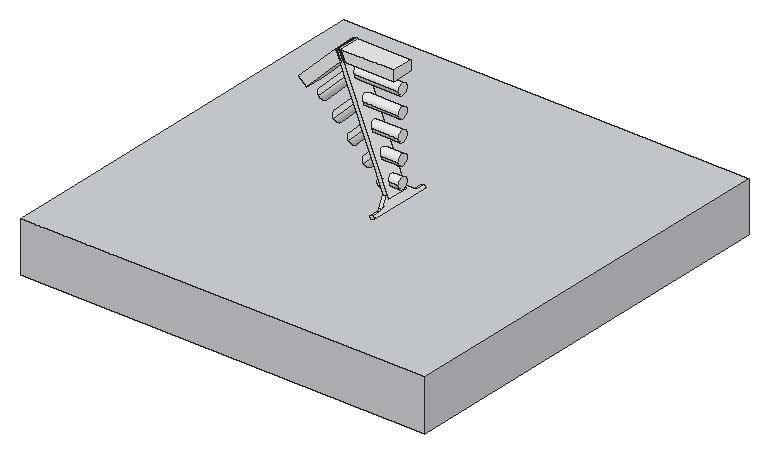
Revit family "Sunshade-Corner-Kawneer-Curtain_Wall-Outside_135", category Specialty Equipment, host Face, Revit 2015
Parameters (values of type "30"-Square-Circular")
  Width of Blades 2 [instance] = 0' - 0 1/32"
  Width of Blades 1 [instance] = 0' - 0 1/32"
  URL = "http://www.kawneer.com/kawneer/north_america/en/home.asp"
  Type Comments = ""
  Set 1 Inset = 0' - 2 1/2"
  Right Fascia Offset = if(Length = 3' 0", 1' 2 3/8", 1' 0")  # 1' - 0"
  Product data url = "https://bimobject.com/kawneerna/product/04305"
  Product Page URL = "http://www.kawneer.com/kawneer/north_america/en/product.asp?cat_id=1463&prod_id=4305"
  Product Documentation Link = "http://www.kawneer.com/kawneer/north_america/catalog/pdf/Sun_Control/Versoleil_OutriggerCW_Flyer.pdf"
  Outrigger Type = Outrigger-Kawneer-Angle-Square : 5"
  Model = "Sunshade Outside 135 Degree Corner"  # constant formula
  Manufacturer = "Kawneer "  # constant formula
  Set 2 Inset = 0' - 11 3/4"
  Length = 2' - 6"
  Height of Bottom Fascia = Length - 0' 0 1/32"  # 2' - 5 31/32"
  Height of Blade 2 = 0' - 5"
  Height of Blade 1 = 0' - 5"
  Has 6th Blade = no
  Has 5th Blade = yes
  Finish = Aluminum - Kawneer - Clear
  Fascia Type = Fascia-Kawneer-Outside_135_Angle_Cut-Rectangular : Versoleil
  Fascia Offset = if(Length = 3' 0", 0' 0 3/8", 0' 2 7/8")  # 0' - 2 7/8"
  Distance Blade 5 and 6 = 0' - 0"
  Distance Blade 4 and 5 = 0' - 0"
  Distance Blade 3 and 4 = 0' - 0"
  Distance Blade 2 and 3 = 0' - 0"
  Distance Blade 1 and 2 = 0' - 0"
  Description = "Rounded Outrigger, Bullnose Fascias"
  Default Elevation = 4' - 0"
  Copyright © = "©2012 Kawneer  "  # constant formula
  CTRL Width of Blades 2 [instance] = if(Width of Blades 2 < 0' 1", 0' 1", Width of Blades 2)  # 0' - 1"
  CTRL Width of Blades 1 [instance] = if(Width of Blades 1 < 0' 1", 0' 1", Width of Blades 1)  # 0' - 1"
  CTRL Outrigger Angle = 0.00°
  CTRL Length of Blade = if(and(Length = 2' 6", CTRL Angle = 135.00°), 3' 6 109/256" - 0' 0 7/8", if(and(Length = 3' 0", CTRL Angle = 135.00°), 4' 2 233/256" - 0' 0 7/8", Length - 0' 2 1/32"))  # 2' - 3 31/32"
  CTRL Fascia Location = 0' - 0"
  CTRL Fascia Length = if(Length = 3' 0", 4' 8 11/32", 4' 1 23/32")  # 4' - 1 23/32"
  CTRL Angle = 112.50°
  Bottom Fascia Offset = if(Length = 3' 0", 0' 0", 0' 2 1/2")  # 0' - 2 1/2"
  Blade Type = Blade-Kawneer-135_Angle_Cut-Circular : Versoleil
  Blade Distance = 0' - 5"
  Blade Angle Cut = 67.50°  # constant formula
  Blade 6 Location = Distance Blade 1 and 2  # 0' - 0"
  Blade 5 Location = Distance Blade 2 and 3  # 0' - 0"
  Blade 4 Location = Distance Blade 3 and 4  # 0' - 0"
  Blade 3 Location = Distance Blade 4 and 5  # 0' - 0"
  Blade 2 Location = Distance Blade 5 and 6  # 0' - 0"
  Blade 1 Location = Distance Blade 5 and 6  # 0' - 0"
  Angle Offset = 0' - 2"
  Outrigger Angle = 90.00°
Reference planes (in)
  plane 1 "Center (Front/Back)": y = 0
  plane 2: z = -0.78125
  plane 3 "Center (Left/Right)": x = 3.30772
  plane 4 "Bracket Bottom": z = -0.78125
  plane 5 "Blade 1": z = 4.21875
  plane 6 "Back of Right Blades": x = 4.30772
  plane 7 "Blade 2": z = 9.21875
  plane 8 "Top": z = 29.21875
  plane 9 "Blade 3": z = 14.21875
  plane 10 "Blade 4": z = 19.21875
  plane 11 "Blade 5": z = 24.21875
  plane 12 "Left of Right Blade 1": x = 0.80772
  plane 13 "Left of Right Blade 2": x = -1.19228
  plane 14 "Left of Right Blade 3": x = -3.19228
  plane 15 "Left of Right Blade 4": x = -5.19228
  plane 16 "Right of Fascias": x = -8.68461
  plane 17 "One": x = -0.68461
  plane 18 "Outrigger": through (-65.51892, -180, -29.26876) normal (-0.3827, 0, 0.9239)
  plane 19 "Two": x = 3.31539
  plane 20 "Top of Fascia 2": z = 29.1875
  plane 21 "Left of Right Blade 5": x = -7.19228
  plane 22 "Blade 6": z = 29.21875
  plane 23 "Left of Right Blade 6": x = -9.19228
  plane 24 "Center Left / Right Blade 1": y = 0
  plane 25 "Center Left / Right Blade 2": y = 0
  plane 26 "Center Left / Right Blade 3": y = 0
  plane 27 "Center Left / Right Blade 4": y = 0
  plane 28 "Center Left / Right Blade 5": y = 0
  plane 29 "Center Left / Right Blade 6": y = 0
  plane 30 "Center Fascia": y = 0
  plane 31 "CTRL Anlge": through (-82.30784, -180, -24.85784) normal (-0.3827, 0, 0.9239)
  plane 32 "Center of Bottom Blade 1": through (-44.72605, -7.87065, -41.74395) normal (-0.7071, 0, 0.7071)
  plane 33: z = 3.71875
  plane 34 "Top of Bottom Fascia": through (-38.50296, -7.87065, -0.20971) normal (-0.7071, 0, 0.7071)
  plane 35 "Center of Bottom Blade  5": through (-56.11819, -7.87065, -24.85182) normal (-0.7071, 0, 0.7071)
  plane 36 "Center of Bottom Blade  3": through (-47.35421, -7.87065, -30.22997) normal (-0.7071, 0, 0.7071)
  plane 37 "Center of Bottom Blade 4": through (-50.88974, -7.87065, -26.69444) normal (-0.7071, 0, 0.7071)
  plane 38 "Center of Bottom Blade  2": through (-43.81867, -7.87065, -33.76551) normal (-0.7071, 0, 0.7071)
  plane 39 "Center of Bottom Blade 6": through (-66.47863, -7.87065, -28.14119) normal (-0.7071, 0, 0.7071)
  plane 40 "Top of  Bottom Blade 1": through (-13.296, -7.87065, 20.17441) normal (-0.7071, 0, -0.7071)
  plane 41 "Top of  Bottom Blade 2": through (-29.72262, -7.87065, 39.42946) normal (-0.7071, 0, -0.7071)
  plane 42 "Top of  Bottom Blade 3": through (-28.30841, -7.87065, 40.84367) normal (-0.7071, 0, -0.7071)
  plane 43 "Top of  Bottom Blade 4": through (-26.89419, -7.87065, 42.25789) normal (-0.7071, 0, -0.7071)
  plane 44 "Top of Bottom Blade 5": through (-26.26853, -7.87065, 44.46064) normal (-0.7071, 0, -0.7071)
  plane 45 "Top of  Bottom Blade 6": through (-26.50327, -7.87065, 47.52381) normal (-0.7071, 0, -0.7071)
  plane 46 "CTRL Angle Blades": through (-33.49625, -7.87065, 36.83913) normal (-0.7071, 0, -0.7071)
  plane 47 "Offset Bottom Fascia": through (-26.1624, -7.87065, 45.59195) normal (-0.7071, 0, -0.7071)
  plane 48 "Bottom of Set 2": through (10.38408, -7.87065, 6.29511) normal (-0.7071, 0, 0.7071)
  plane 49 "Back of Blade Bottom  Set 2": through (-29.35543, -7.87065, 31.28409) normal (-0.7071, 0, -0.7071)
  plane 50 "Blades Offset": through (-22.21762, -7.87065, 45.71304) normal (-0.7071, 0, -0.7071)
  plane 51: z = -0.78125
  plane 52: through (10.38408, -7.87065, 6.29511) normal (-0.7071, 0, 0.7071)
Forms (in)
  Extrusion 1, solid
    sketch origin (0, 0, -0.78125) x (1, 0, 0) y (0, 1, 0)
      loop
        line (-48, 48) -> (-48, -48) -> (48, -48) -> (48, 48) -> (-48, 48)
    from 0 to -12
Lines and regions (in)
  reference lines
    curve 1: line (3.30772, 0, -0.78125) -> (-12.74236, 0, 37.96708)
Dimensions and locks (in)
  locked: plane 4 "Bracket Bottom" to plane 2 at 0
  "Blade Distance": plane 9 "Blade 3" to plane 7 "Blade 2"
  "Blade Distance": plane 10 "Blade 4" to plane 9 "Blade 3"
  "Angle Offset": plane 14 "Left of Right Blade 3" to plane 13 "Left of Right Blade 2"
  "Angle Offset": plane 15 "Left of Right Blade 4" to plane 14 "Left of Right Blade 3"
  locked: plane 3 "Center (Left/Right)" to plane 19 "Two" at 0.00767
  "Angle Offset": plane 21 "Left of Right Blade 5" to plane 15 "Left of Right Blade 4"
  "Blade Distance": plane 22 "Blade 6" to plane 11 "Blade 5"
  "Angle Offset": plane 23 "Left of Right Blade 6" to plane 21 "Left of Right Blade 5"
  "Length": plane 8 "Top" to plane 2
  "Right Fascia Offset": plane 16 "Right of Fascias" to plane 19 "Two"
  "Height of Bottom Fascia": plane 20 "Top of Fascia 2" to plane 4 "Bracket Bottom"
  "Blade 1 Location": plane 24 "Center Left / Right Blade 1" to plane 1 "Center (Front/Back)"
  "CTRL Fascia Location": plane 30 "Center Fascia" to plane 1 "Center (Front/Back)"
  "Blade 6 Location": plane 29 "Center Left / Right Blade 6" to plane 1 "Center (Front/Back)"
  "Blade 5 Location": plane 28 "Center Left / Right Blade 5" to plane 1 "Center (Front/Back)"
  "Blade 4 Location": plane 27 "Center Left / Right Blade 4" to plane 1 "Center (Front/Back)"
  "Blade 3 Location": plane 26 "Center Left / Right Blade 3" to plane 1 "Center (Front/Back)"
  "Blade 2 Location": plane 25 "Center Left / Right Blade 2" to plane 1 "Center (Front/Back)"
  "Blade Distance": plane 11 "Blade 5" to plane 10 "Blade 4"
  "Blade Distance": plane 38 "Center of Bottom Blade  2" to plane 32 "Center of Bottom Blade 1"
  "Blade Distance": plane 36 "Center of Bottom Blade  3" to plane 38 "Center of Bottom Blade  2"
  "Blade Distance": plane 37 "Center of Bottom Blade 4" to plane 36 "Center of Bottom Blade  3"
  "Blade Distance": plane 35 "Center of Bottom Blade  5" to plane 37 "Center of Bottom Blade 4"
  "Blade Distance": plane 39 "Center of Bottom Blade 6" to plane 35 "Center of Bottom Blade  5"
  "Angle Offset": plane 40 "Top of  Bottom Blade 1" to plane 41 "Top of  Bottom Blade 2"
  "Angle Offset": plane 41 "Top of  Bottom Blade 2" to plane 42 "Top of  Bottom Blade 3"
  "Angle Offset": plane 42 "Top of  Bottom Blade 3" to plane 43 "Top of  Bottom Blade 4"
  "Angle Offset": plane 43 "Top of  Bottom Blade 4" to plane 44 "Top of Bottom Blade 5"
  "Angle Offset": plane 44 "Top of Bottom Blade 5" to plane 45 "Top of  Bottom Blade 6"
  "Height of Bottom Fascia": plane 34 "Top of Bottom Fascia" to plane 48 "Bottom of Set 2"
  "Angle Offset": plane 13 "Left of Right Blade 2" to plane 12 "Left of Right Blade 1"
  "Set 1 Inset": plane 12 "Left of Right Blade 1" to plane 3 "Center (Left/Right)"
  "CTRL Width of Blades 1": plane 6 "Back of Right Blades" to plane 3 "Center (Left/Right)"
  "CTRL Width of Blades 2": plane 49 "Back of Blade Bottom  Set 2" to plane 46 "CTRL Angle Blades"
  "Blade Distance": plane 7 "Blade 2" to plane 5 "Blade 1"
  "Set 2 Inset": plane 40 "Top of  Bottom Blade 1" to plane 50 "Blades Offset"
  plane 47 "Offset Bottom Fascia" to plane 50 "Blades Offset" = 0' - 2 7/8"
  locked: plane 51 to level
  "Height of Blade 1": plane 5 "Blade 1" to plane 51
  locked: plane 52 to plane 48 "Bottom of Set 2"
  "Height of Blade 1": plane 32 "Center of Bottom Blade 1" to plane 52
  "Fascia Offset": plane 47 "Offset Bottom Fascia" to plane 50 "Blades Offset"
  plane 23 "Left of Right Blade 6" to plane 19 "Two" = 1' - 0.50767"
  locked: plane 46 "CTRL Angle Blades" to plane 45 "Top of  Bottom Blade 6" at 12.5
  "CTRL Angle": angle plane 4 "Bracket Bottom" to curve 1
  angle nested 7 to Extrusion 1 = 67.50°
  angle plane 4 "Bracket Bottom" to nested 7 = 112.50°
  angle plane 4 "Bracket Bottom" to plane 18 "Outrigger" = 22.50°
  angle plane 32 "Center of Bottom Blade 1" to plane 4 "Bracket Bottom" = 135.00°
  angle plane 22 "Blade 6" to plane 39 "Center of Bottom Blade 6" = 45.00°
  aligned and locked: plane 2 to Extrusion 1
  aligned: level to Extrusion 1
  aligned: plane 8 "Top" to nested 1  (x2)
  aligned: plane 1 "Center (Front/Back)" to nested 1
  aligned: plane 1 "Center (Front/Back)" to nested 2
  aligned: plane 12 "Left of Right Blade 1" to nested 2  (x5)
  aligned: nested 3 to plane 7 "Blade 2"
  aligned: plane 13 "Left of Right Blade 2" to nested 3
  aligned: nested 4 to plane 9 "Blade 3"
  aligned: plane 14 "Left of Right Blade 3" to nested 4
  aligned: plane 15 "Left of Right Blade 4" to nested 5  (x2)
  aligned: nested 5 to plane 10 "Blade 4"
  aligned: plane 11 "Blade 5" to nested 6
  aligned and locked: plane 13 "Left of Right Blade 2" to nested 3
  aligned and locked: plane 14 "Left of Right Blade 3" to nested 4  (x3)
  aligned: plane 16 "Right of Fascias" to nested 1
  aligned and locked: plane 1 "Center (Front/Back)" to nested 7
  aligned: nested 1 to plane 6 "Back of Right Blades"
  aligned: nested 2 to plane 6 "Back of Right Blades"
  aligned and locked: nested 3 to plane 6 "Back of Right Blades"
  aligned and locked: nested 4 to plane 6 "Back of Right Blades"
  aligned and locked: nested 5 to plane 6 "Back of Right Blades"
  aligned and locked: nested 6 to plane 6 "Back of Right Blades"
  aligned and locked: plane 21 "Left of Right Blade 5" to nested 6
  aligned and locked: plane 4 "Bracket Bottom" to curve 1
  aligned: curve 1 to nested 7  (x4)
  aligned: plane 22 "Blade 6" to nested 8
  aligned and locked: plane 23 "Left of Right Blade 6" to nested 8
  aligned and locked: nested 8 to plane 6 "Back of Right Blades"
  aligned and locked: plane 8 "Top" to nested 1  (x3)
  aligned and locked: plane 16 "Right of Fascias" to nested 1
  aligned and locked: nested 1 to plane 6 "Back of Right Blades"  (x2)
  aligned and locked: plane 24 "Center Left / Right Blade 1" to nested 2
  aligned and locked: plane 25 "Center Left / Right Blade 2" to nested 3
  aligned and locked: plane 27 "Center Left / Right Blade 4" to nested 5
  aligned and locked: plane 28 "Center Left / Right Blade 5" to nested 6
  aligned and locked: plane 29 "Center Left / Right Blade 6" to nested 8
  aligned and locked: plane 30 "Center Fascia" to nested 1
  aligned: nested 3 to plane 25 "Center Left / Right Blade 2"
  aligned and locked: plane 26 "Center Left / Right Blade 3" to nested 4
  aligned: nested 5 to plane 27 "Center Left / Right Blade 4"
  aligned: plane 18 "Outrigger" to nested 7
  aligned: nested 2 to plane 33  (x2)
  aligned and locked: plane 3 "Center (Left/Right)" to curve 1
  aligned and locked: curve 1 to nested 7
  aligned: plane 6 "Back of Right Blades" to nested 8
  aligned: plane 6 "Back of Right Blades" to nested 6
  aligned: plane 6 "Back of Right Blades" to nested 5
  aligned: plane 6 "Back of Right Blades" to nested 4
  aligned: plane 6 "Back of Right Blades" to nested 3
  aligned: plane 6 "Back of Right Blades" to nested 2
  aligned and locked: nested 2 to plane 5 "Blade 1"
  aligned and locked: nested 3 to plane 7 "Blade 2"
  aligned and locked: nested 4 to plane 9 "Blade 3"
  aligned and locked: nested 5 to plane 10 "Blade 4"
  aligned and locked: plane 11 "Blade 5" to nested 6
  aligned and locked: plane 22 "Blade 6" to nested 8
  aligned: plane 20 "Top of Fascia 2" to nested 1
  aligned: plane 14 "Left of Right Blade 3" to nested 5
  aligned and locked: plane 15 "Left of Right Blade 4" to nested 5  (x2)
  aligned and locked: plane 12 "Left of Right Blade 1" to nested 2
  aligned and locked: nested 2 to plane 6 "Back of Right Blades"
  aligned and locked: nested 9 to plane 39 "Center of Bottom Blade 6"
  aligned and locked: plane 45 "Top of  Bottom Blade 6" to nested 9
  aligned and locked: plane 44 "Top of Bottom Blade 5" to nested 10
  aligned and locked: plane 43 "Top of  Bottom Blade 4" to nested 11
  aligned and locked: plane 42 "Top of  Bottom Blade 3" to nested 12
  aligned and locked: plane 41 "Top of  Bottom Blade 2" to nested 13
  aligned and locked: plane 40 "Top of  Bottom Blade 1" to nested 14
  aligned and locked: nested 10 to plane 35 "Center of Bottom Blade  5"
  aligned and locked: nested 11 to plane 37 "Center of Bottom Blade 4"
  aligned and locked: nested 12 to plane 36 "Center of Bottom Blade  3"
  aligned and locked: nested 13 to plane 38 "Center of Bottom Blade  2"
  aligned and locked: nested 14 to plane 32 "Center of Bottom Blade 1"
  aligned and locked: nested 10 to plane 49 "Back of Blade Bottom  Set 2"
  aligned and locked: nested 9 to plane 49 "Back of Blade Bottom  Set 2"
  aligned and locked: nested 11 to plane 49 "Back of Blade Bottom  Set 2"
  aligned and locked: nested 12 to plane 49 "Back of Blade Bottom  Set 2"
  aligned and locked: nested 13 to plane 49 "Back of Blade Bottom  Set 2"
  aligned and locked: nested 14 to plane 49 "Back of Blade Bottom  Set 2"
  aligned and locked: nested 14 to plane 24 "Center Left / Right Blade 1"
  aligned and locked: nested 9 to plane 29 "Center Left / Right Blade 6"
  aligned and locked: nested 10 to plane 28 "Center Left / Right Blade 5"
  aligned and locked: nested 11 to plane 27 "Center Left / Right Blade 4"
  aligned and locked: nested 12 to plane 26 "Center Left / Right Blade 3"
  aligned and locked: nested 13 to plane 25 "Center Left / Right Blade 2"
  aligned and locked: nested 15 to plane 34 "Top of Bottom Fascia"
  aligned and locked: plane 47 "Offset Bottom Fascia" to nested 15
  aligned and locked: nested 15 to plane 49 "Back of Blade Bottom  Set 2"
  aligned and locked: nested 15 to plane 30 "Center Fascia"
Automatic sketch dimensions
  Extrusion 1 sketch curve to Extrusion 1 sketch curve = 8' - 0"  (x2)
Nested families (in)
  nested 1: "Fascia-Kawneer-Outside_135_Angle_Cut-Rectangular" at (63.31539, 0, 26.71694), Fascias Materials <- "Finish", type <- "Fascia Type", type "Versoleil"
    with Fascias Materials Aluminum - Kawneer - Clear, CTRL Width 1' - 0.99233"
  nested 2: "Blade-Kawneer-135_Angle_Cut-Circular" at (72.80772, 0, 2.71875), Blade Materials <- "Finish", type <- "Blade Type", Void Angle <- "Blade Angle Cut", type "Versoleil"
    with Void Angle 67.50°, CTRL Width 0' - 3 1/2", Blade Materials Aluminum - Kawneer - Clear
  nested 3: "Blade-Kawneer-135_Angle_Cut-Circular" at (70.80772, 0, 7.71875), Blade Materials <- "Finish", type <- "Blade Type", Void Angle <- "Blade Angle Cut", type "Versoleil"
    with Void Angle 67.50°, CTRL Width 0' - 5 1/2", Blade Materials Aluminum - Kawneer - Clear
  nested 4: "Blade-Kawneer-135_Angle_Cut-Circular" at (68.80772, 0, 12.71875), Blade Materials <- "Finish", type <- "Blade Type", Void Angle <- "Blade Angle Cut", type "Versoleil"
    with Void Angle 67.50°, CTRL Width 0' - 7 1/2", Blade Materials Aluminum - Kawneer - Clear
  nested 5: "Blade-Kawneer-135_Angle_Cut-Circular" at (66.80772, 0, 17.71875), Blade Materials <- "Finish", type <- "Blade Type", Void Angle <- "Blade Angle Cut", type "Versoleil"
    with Void Angle 67.50°, CTRL Width 0' - 9 1/2", Blade Materials Aluminum - Kawneer - Clear
  nested 6: "Blade-Kawneer-135_Angle_Cut-Circular" at (64.80772, 0, 22.71875), visible <- "Has 5th Blade", Blade Materials <- "Finish", type <- "Blade Type", Void Angle <- "Blade Angle Cut", type "Versoleil"
    with Void Angle 67.50°, CTRL Width 0' - 11 1/2", Blade Materials Aluminum - Kawneer - Clear
  nested 7: "Outrigger-Kawneer-Angle-Square" at (3.30015, 0, -0.76297) x (0.9239, 0, 0.3827) z (-0.3827, 0, 0.9239), type <- "Outrigger Type", CTRL Angle <- "CTRL Outrigger Angle", type "5""
    with Outrigger Length 2' - 6.27316", Outrigger Angle 90.00°, CTRL Blade Offset 0' - 11.4805", CTRL Angle 0.00°, Length 2' - 6", CTRL Length 2' - 3 31/32", Angle 67.50°
  nested 8: "Blade-Kawneer-135_Angle_Cut-Circular" at (62.80772, 0, 27.71875), visible <- "Has 6th Blade", Blade Materials <- "Finish", type <- "Blade Type", Void Angle <- "Blade Angle Cut", type "Versoleil"
    with Void Angle 67.50°, CTRL Width 1' - 1 1/2", Blade Materials Aluminum - Kawneer - Clear
  nested 9: "Blade-Kawneer-135_Angle_Cut-Circular" at (-58.50947, 0, -22.29336) x (-0.7071, 0, -0.7071) z (-0.7071, 0, 0.7071), type <- "Blade Type", visible <- "Has 6th Blade", Blade Materials <- "Finish", Void Angle <- "Blade Angle Cut", type "Versoleil"
    with Void Angle 67.50°, CTRL Width 1' - 1 1/2", Blade Materials Aluminum - Kawneer - Clear
  nested 10: "Blade-Kawneer-135_Angle_Cut-Circular" at (-56.38815, 0, -27.2431) x (-0.7071, 0, -0.7071) z (-0.7071, 0, 0.7071), type <- "Blade Type", visible <- "Has 5th Blade", Blade Materials <- "Finish", Void Angle <- "Blade Angle Cut", type "Versoleil"
    with Void Angle 67.50°, CTRL Width 0' - 11 1/2", Blade Materials Aluminum - Kawneer - Clear
  nested 11: "Blade-Kawneer-135_Angle_Cut-Circular" at (-54.26683, 0, -32.19285) x (-0.7071, 0, -0.7071) z (-0.7071, 0, 0.7071), type <- "Blade Type", Blade Materials <- "Finish", Void Angle <- "Blade Angle Cut", type "Versoleil"
    with Void Angle 67.50°, CTRL Width 0' - 9 1/2", Blade Materials Aluminum - Kawneer - Clear
  nested 12: "Blade-Kawneer-135_Angle_Cut-Circular" at (-52.14551, 0, -37.1426) x (-0.7071, 0, -0.7071) z (-0.7071, 0, 0.7071), type <- "Blade Type", Blade Materials <- "Finish", Void Angle <- "Blade Angle Cut", type "Versoleil"
    with Void Angle 67.50°, CTRL Width 0' - 7 1/2", Blade Materials Aluminum - Kawneer - Clear
  nested 13: "Blade-Kawneer-135_Angle_Cut-Circular" at (-50.02419, 0, -42.09235) x (-0.7071, 0, -0.7071) z (-0.7071, 0, 0.7071), type <- "Blade Type", Blade Materials <- "Finish", Void Angle <- "Blade Angle Cut", type "Versoleil"
    with Void Angle 67.50°, CTRL Width 0' - 5 1/2", Blade Materials Aluminum - Kawneer - Clear
  nested 14: "Blade-Kawneer-135_Angle_Cut-Circular" at (-47.90287, 0, -47.04209) x (-0.7071, 0, -0.7071) z (-0.7071, 0, 0.7071), type <- "Blade Type", Blade Materials <- "Finish", Void Angle <- "Blade Angle Cut", type "Versoleil"
    with Void Angle 67.50°, CTRL Width 0' - 3 1/2", Blade Materials Aluminum - Kawneer - Clear
  nested 15: "Fascia-Kawneer-Outside_135_Angle_Cut-Rectangular" at (-58.57449, 0, -23.81933) x (-0.7071, 0, -0.7071) z (-0.7071, 0, 0.7071), type <- "Fascia Type", Fascias Materials <- "Finish", type "Versoleil"
    with Fascias Materials Aluminum - Kawneer - Clear, CTRL Width 1' - 0 3/8"
Definition of nested family "Fascia-Kawneer-Outside_135_Angle_Cut-Rectangular"
  Parameters
    Void Offset = 3' - 2"
    Void Angle = 67.50°  # constant formula
    Default Elevation = 4' - 0"
    CTRL Width [instance] = 12' - 0"
    Fascias Materials [instance] = none
    Assembly Code = ""
  Reference planes (in)
    plane 1 "Center (Front/Back)": y = 0
    plane 2 "Original Bottom": z = 0
    plane 3 "Center (Left/Right)": x = 0
    plane 4 "Left": x = -72
    plane 5 "Right": x = 72
    plane 6 "Front": y = -2.5
    plane 7 "Back": y = 2.5
    plane 8 "Top": z = 2.50181
    plane 9 "Bottom": z = 0
    plane 10 "Void Angle": x = -69.5
    plane 11 "Top Offset of Void": z = 2.53306
    plane 12 "Bottom Offset of Void": z = -0.03125
    plane 13 "Left Offset of Bracket": x = -72.03125
    plane 14 "Right Offset of Void": x = -69.46875
    plane 15 "Back offset of Void": y = -3.5
    plane 16 "Front Offset of Void": y = 3.5
  Forms (in)
    Sweep 1, solid, material <- "Fascias Materials", detail levels medium+fine
      path origin (10, 0, -1.71798) x (1, 0, 0) y (0, 0, 1)
        loop
          line (62, 8.91333) -> (-82, 8.91333)
      profile origin (0, 0, 7.19535) x (0, 0, -1) y (0, -1, 0)
        loop
          line (4.69354, 2.5) -> (4.69354, -2.5) -> (7.19535, -2.5) -> (7.19535, 2.5) -> (4.69354, 2.5)
    Extrusion 2, void
      sketch origin (0, 0, 0) x (1, 0, 0) y (0, 0, 1)
        loop
          line (-72.03125, 2.53306) -> (-72.03125, -0.03125) -> (-70.96908, -0.03125) -> (-72.03125, 2.53306)
      from -3.5 to 3.5
  Cuts and joins
    Extrusion 2 cuts Sweep 1
  Lines and regions (in)
    Masking region 1
      outline origin (0, 0, 0) x (0, 1, 0) y (0, 0, 1)
        loop
          line (2.5, 2.50181) -> (-2.5, 2.50181) -> (-2.5, 0) -> (2.5, 0) -> (2.5, 2.50181)
    Masking region 2
      outline origin (0, 0, 0) x (1, 0, 0) y (0, 1, 0)
        loop
          line (72, 2.5) -> (-72.03125, 2.5) -> (-72.03125, -2.5) -> (72, -2.5) -> (72, 2.5)
    Masking region 3
      outline origin (0, -2.5, 0) x (-1, 0, 0) y (0, 0, 1)
        loop
          line (-72, 2.53306) -> (-72, 0) -> (70.98202, 0) -> (72.03125, 2.53306) -> (-72, 2.53306)
    symbolic lines
      curve 1: line (72, 2.5, 2.50181) -> (72, -2.5, 2.50181)
      curve 2: line (72, -2.5, 2.50181) -> (72, -2.5, 0)
      curve 3: line (72, -2.5, 0) -> (72, 2.5, 0)
      curve 4: line (72, 2.5, 0) -> (72, 2.5, 2.50181)
      curve 5: line (-72, 2.5, 2.50181) -> (-72, -2.5, 2.50181)
      curve 6: line (-72, -2.5, 2.50181) -> (-72, -2.5, 0)
      curve 7: line (-72, -2.5, 0) -> (-72, 2.5, 0)
      curve 8: line (-72, 2.5, 0) -> (-72, 2.5, 2.50181)
      curve 12: line (72, 2.5, 2.50181) -> (-72.03125, 2.5, 2.50181)
      curve 13: line (72, -2.5, 2.50181) -> (72, 2.5, 2.50181)
      curve 14: line (-72.03125, -2.5, 2.50181) -> (72, -2.5, 2.50181)
      curve 15: line (-72.03125, 2.5, 2.50181) -> (-72.03125, -2.5, 2.50181)
      curve 16: line (-69.50088, 2.5, 0) -> (-69.50088, -2.5, 0)
    model lines, detail levels coarse
      curve 9: line (-72, 0, 2.50181) -> (72, 0, 2.50181)
      curve 21: line (72, 2.5, 0) -> (-69.50088, 2.5, 0)
      curve 22: line (72, -2.5, 0) -> (72, 2.5, 0)
      curve 23: line (-69.50088, -2.5, 0) -> (72, -2.5, 0)
      curve 24: line (-72.03125, 2.5, 2.50181) -> (-72.03125, -2.5, 2.50181)
      curve 25: line (72, 2.5, 2.50181) -> (-69.46875, 2.5, 2.50181)
      curve 26: line (72, -2.5, 2.50181) -> (72, 2.5, 2.50181)
      curve 27: line (-69.46875, -2.5, 2.50181) -> (72, -2.5, 2.50181)
      curve 28: line (-69.46875, 2.5, 0) -> (-69.46875, -2.5, 0)
      curve 29: line (72, 2.5, 2.50181) -> (72, -2.5, 2.50181)
      curve 30: line (72, 2.5, 0) -> (72, 2.5, 2.50181)
      curve 31: line (72, -2.5, 0) -> (72, 2.5, 0)
      curve 32: line (72, -2.5, 2.50181) -> (72, -2.5, 0)
      curve 33: line (-72, -2.5, 2.50181) -> (-72, 2.5, 2.50181)
      curve 34: line (-69.5, 2.5, 0) -> (-69.5, -2.5, 0)
      curve 35: line (-72.03125, 2.5, 2.53306) -> (-70.97887, 2.5, -0.00761)
      curve 36: line (-72.01831, -2.5, 2.50181) -> (-70.96908, -2.5, -0.03125)
    symbolic lines, detail levels coarse
      curve 10: line (-72, 0, 2.50181) -> (72, 0, 2.50181)
    reference lines
      curve 11: line (-70.98202, 0, 0) -> (-72.03125, 0, 2.53306)
    model lines
      curve 17: line (72, -2.5, 2.50181) -> (-72.01831, -2.5, 2.50181)
      curve 18: line (72, -2.5, -0.03125) -> (72, -2.5, 2.50181)
      curve 19: line (-70.96908, -2.5, -0.03125) -> (72, -2.5, -0.03125)
      curve 20: line (-72.01831, -2.5, 2.50181) -> (-70.96908, -2.5, -0.03125)
  Dimensions and locks (in)
    "CTRL Width": plane 4 "Left" to plane 5 "Right"
    equal spacing: plane 6 "Front", plane 1 "Center (Front/Back)", plane 7 "Back"
    plane 8 "Top" to plane 9 "Bottom" = 0' - 2.50181"  (x2)
    plane 4 "Left" to plane 10 "Void Angle" = 0' - 2 1/2"
    plane 9 "Bottom" to plane 12 "Bottom Offset of Void" = 0' - 0 1/32"
    plane 11 "Top Offset of Void" to plane 8 "Top" = 0' - 0 1/32"
    plane 13 "Left Offset of Bracket" to plane 4 "Left" = 0' - 0 1/32"
    plane 10 "Void Angle" to plane 14 "Right Offset of Void" = 0' - 0 1/32"
    "Void Angle": angle curve 11 to plane 12 "Bottom Offset of Void"
    "Void Angle": angle Extrusion 2 sketch curve to plane 12 "Bottom Offset of Void"
    aligned and locked: plane 4 "Left" to Sweep 1 sketch curve
    aligned and locked: plane 5 "Right" to Sweep 1 sketch curve
    aligned: Sweep 1 to plane 2 "Original Bottom"  (x2)
    aligned: plane 8 "Top" to Sweep 1
    aligned: plane 6 "Front" to Sweep 1
    aligned: plane 7 "Back" to Sweep 1
    aligned and locked: plane 9 "Bottom" to plane 2 "Original Bottom"
    aligned and locked: Sweep 1 to plane 9 "Bottom"
    aligned and locked: plane 8 "Top" to Sweep 1
    aligned and locked: plane 7 "Back" to Sweep 1
    aligned and locked: plane 6 "Front" to Sweep 1
    aligned and locked: Masking region 1 sketch curve to Sweep 1  (x4)
    aligned and locked: curve 1 to Masking region 1
    aligned and locked: curve 2 to Masking region 1
    aligned and locked: curve 3 to Masking region 1
    aligned and locked: curve 4 to Masking region 1
    aligned and locked: curve 5 to curve 1
    aligned and locked: curve 6 to curve 2
    aligned and locked: curve 7 to curve 3
    aligned and locked: curve 8 to curve 4
    aligned and locked: plane 12 "Bottom Offset of Void" to Extrusion 2 sketch curve
    aligned and locked: plane 16 "Front Offset of Void" to Extrusion 2
    aligned and locked: Extrusion 2 to plane 15 "Back offset of Void"
    aligned and locked: Masking region 2 sketch curve to plane 7 "Back"
    aligned and locked: Masking region 2 sketch curve to plane 6 "Front"
    aligned and locked: plane 13 "Left Offset of Bracket" to Masking region 2 sketch curve
    aligned and locked: plane 5 "Right" to curve 13
    aligned and locked: curve 14 to plane 6 "Front"
    aligned and locked: plane 13 "Left Offset of Bracket" to curve 15
    aligned and locked: Masking region 3 sketch curve to plane 11 "Top Offset of Void"
    aligned and locked: plane 5 "Right" to Masking region 3 sketch curve
    aligned and locked: Masking region 3 sketch curve to plane 9 "Bottom"
    aligned and locked: curve 19 to plane 12 "Bottom Offset of Void"
    aligned and locked: plane 5 "Right" to curve 18
    aligned and locked: curve 21 to plane 7 "Back"
    aligned and locked: curve 23 to plane 6 "Front"
    aligned and locked: plane 13 "Left Offset of Bracket" to curve 24
    aligned and locked: plane 5 "Right" to curve 22
    aligned and locked: curve 25 to plane 7 "Back"
    aligned and locked: curve 27 to plane 6 "Front"
    aligned and locked: plane 11 "Top Offset of Void" to curve 11
    aligned and locked: plane 13 "Left Offset of Bracket" to curve 11
  Automatic sketch dimensions
    level to Sweep 1 sketch curve = 0' - 7.19535"
    Sweep 1 sketch curve to plane 1 "Center (Front/Back)" = 0' - 2 1/2"
    Sweep 1 sketch curve to profile plane = 0' - 4.69354"
    Sweep 1 sketch curve to Sweep 1 sketch curve = 0' - 2.50181"
    plane 1 "Center (Front/Back)" to Sweep 1 sketch curve = 0' - 2 1/2"
    Masking region 2 sketch curve to plane 5 "Right" = 0' - 0"
    curve 10 to plane 1 "Center (Front/Back)" = 0' - 0"
    curve 10 to plane 4 "Left" = 0' - 0"
    curve 9 to plane 1 "Center (Front/Back)" = 0' - 0"
    curve 9 to plane 4 "Left" = 0' - 0"
    level to curve 34 = 0' - 0"
    curve 34 to plane 7 "Back" = 0' - 0"
    curve 34 to plane 6 "Front" = 0' - 0"
    plane 14 "Right Offset of Void" to curve 21 = 0' - 0.03213"
    curve 25 to plane 14 "Right Offset of Void" = 0' - 0"
    curve 27 to plane 14 "Right Offset of Void" = 0' - 0"
    plane 7 "Back" to curve 28 = 0' - 0"
    curve 28 to plane 6 "Front" = 0' - 0"
    curve 28 to plane 14 "Right Offset of Void" = 0' - 0"
    plane 10 "Void Angle" to Masking region 3 sketch curve = 0' - 1.48202"
    plane 10 "Void Angle" to Masking region 3 sketch curve = 0' - 2 17/32"
    plane 13 "Left Offset of Bracket" to Extrusion 2 sketch curve = 0' - 0"
    plane 14 "Right Offset of Void" to Extrusion 2 sketch curve = 0' - 1.50033"
    curve 35 to plane 11 "Top Offset of Void" = 0' - 0"
    plane 13 "Left Offset of Bracket" to curve 35 = 0' - 0"
    level to curve 35 = 0' - 0.00761"
    plane 4 "Left" to curve 35 = 0' - 1.02113"
    curve 36 to plane 8 "Top" = 0' - 0"
    curve 36 to plane 4 "Left" = 0' - 1.03092"
    curve 36 to plane 13 "Left Offset of Bracket" = 0' - 0.01294"
Definition of nested family "Blade-Kawneer-135_Angle_Cut-Circular"
  Parameters
    Void Offset = 3' - 0"
    Void Angle [instance] = 67.50°
    Default Elevation = 4' - 0"
    CTRL Width [instance] = 12' - 0"
    Blade Materials [instance] = none
  Reference planes (in)
    plane 1 "Center (Front/Back)": y = 0
    plane 2 "Original Bottom": z = 0
    plane 3 "Center (Left/Right)": x = 0
    plane 4 "Left": x = -72
    plane 5 "Right": x = 72
    plane 6 "Front": y = -1.29687
    plane 7 "Back": y = 1.29687
    plane 8 "Top": z = 3
    plane 9 "Bottom": z = 1.5
    plane 10 "Void Angle": x = -69
    plane 11 "Top Offset Of Void": z = 3.03125
    plane 12 "Top offset of void": z = -0.03125
    plane 13 "Left Offset of Void": x = -72.03125
    plane 14 "Left Offset of Right": x = -68.96875
    plane 15 "Front Offset of Void": y = 1.32812
    plane 16 "Back Offset of Void": y = -1.32812
  Forms (in)
    Sweep 1, solid, material <- "Blade Materials", detail levels medium+fine
      path origin (10, 0, -1.63267) x (1, 0, 0) y (0, 0, 1)
        loop
          line (62, 8.91333) -> (-82, 8.91333)
      profile origin (0, 0, 7.28066) x (0, 0, -1) y (0, -1, 0)
        loop
          circle (6.01729, -0.01411) r 1.25
    Extrusion 2, void
      sketch origin (0, 0, 0) x (1, 0, 0) y (0, 0, 1)
        loop
          line (-72.03125, 3.07544) -> (-72.03125, -0.03125) -> (-70.74442, -0.03125) -> (-72.03125, 3.07544)
      from -1.32812 to 1.32812
  Cuts and joins
    Extrusion 2 cuts Sweep 1
  Lines and regions (in)
    Masking region 1
      outline origin (0, 0, 0) x (0, 1, 0) y (0, 0, 1)
        loop
          circle (0, 1.5) r 1.26407
    Masking region 2
      outline origin (0, 0, 0) x (1, 0, 0) y (0, 1, 0)
        loop
          line (72, 1.32812) -> (-72.03125, 1.32812) -> (-72.03125, -1.32812) -> (72, -1.32812) -> (72, 1.32812)
    Masking region 3
      outline origin (0, 0, 0) x (1, 0, 0) y (0, 0, 1)
        loop
          line (72, 3.03125) -> (-72.01294, 3.03125) -> (-70.74442, -0.03125) -> (72, -0.03125) -> (72, 3.03125)
    symbolic lines
      curve 1: circle (0, 0, 1.5) r 1.26407 normal (1, 0, 0)
      curve 2: arc (0, 1.26411, 1.26337) -> (0, 0.01411, 2.51337) -> (0, -1.23589, 1.26337) r 1.25
      curve 3: arc (0, -1.23589, 1.26337) -> (0, 0.01411, 0.01337) -> (0, 1.26411, 1.26337) r 1.25
      curve 6: line (-70.31469, -1.32812, 3) -> (60, -1.32812, 3)
      curve 7: line (72, 1.32812, 3) -> (-70.31469, 1.32812, 3)
      curve 8: line (-72, 0, 0) -> (72, 0, 0)
      curve 9: spline (-70.31469, 1.32812, 3) -> (-70.63822, 1.28287, 3) -> (-70.93969, 1.15019, 3) -> (-71.19858, 0.93913, 3) -> (-71.39722, 0.66406, 3) -> (-71.5221, 0.34374, 3) -> (-71.56469, 0, 3) -> (-71.5221, -0.34374, 3) -> (-71.39722, -0.66406, 3) -> (-71.19858, -0.93913, 3) -> (-70.93969, -1.15019, 3) -> (-70.63822, -1.28287, 3) -> (-70.31469, -1.32812, 3)
      curve 10: line (72, -1.29687, 3.03125) -> (-72.01294, -1.29687, 3.03125)
      curve 11: line (72, -1.29687, -0.03125) -> (72, -1.29687, 3.03125)
      curve 12: line (-70.74442, -1.29687, -0.03125) -> (72, -1.29687, -0.03125)
      curve 13: line (-72.01294, -1.29687, 3.03125) -> (-70.74442, -1.29687, -0.03125)
    model lines, detail levels coarse
      curve 4: line (-72, 0, 1.5) -> (72, 0, 1.5)
    reference lines
      curve 5: line (-70.74442, 0, -0.03125) -> (-72, 0, 3)
  Dimensions and locks (in)
    "CTRL Width": plane 4 "Left" to plane 5 "Right"
    equal spacing: plane 6 "Front", plane 1 "Center (Front/Back)", plane 7 "Back"
    equal spacing: plane 8 "Top", plane 9 "Bottom", plane 2 "Original Bottom"
    plane 4 "Left" to plane 10 "Void Angle" = 0' - 3"
    plane 8 "Top" to plane 2 "Original Bottom" = 0' - 3"
    plane 13 "Left Offset of Void" to plane 4 "Left" = 0' - 0 1/32"
    plane 10 "Void Angle" to plane 14 "Left Offset of Right" = 0' - 0 1/32"
    plane 2 "Original Bottom" to plane 12 "Top offset of void" = 0' - 0 1/32"
    plane 11 "Top Offset Of Void" to plane 8 "Top" = 0' - 0 1/32"
    plane 16 "Back Offset of Void" to plane 6 "Front" = 0' - 0 1/32"
    plane 7 "Back" to plane 15 "Front Offset of Void" = 0' - 0 1/32"
    "Void Angle": angle curve 5 to plane 2 "Original Bottom"
    "Void Angle": angle Extrusion 2 sketch curve to plane 12 "Top offset of void"
    aligned and locked: plane 4 "Left" to Sweep 1 sketch curve
    aligned and locked: plane 5 "Right" to Sweep 1 sketch curve
    aligned: Sweep 1 to plane 2 "Original Bottom"
    aligned: plane 8 "Top" to Sweep 1
    aligned: plane 6 "Front" to Sweep 1
    aligned: plane 7 "Back" to Sweep 1
    aligned and locked: plane 1 "Center (Front/Back)" to Masking region 1 sketch curve
    aligned and locked: plane 9 "Bottom" to Masking region 1 sketch curve
    aligned and locked: plane 1 "Center (Front/Back)" to curve 1
    aligned and locked: plane 9 "Bottom" to curve 1
    aligned and locked: curve 2 to Sweep 1
    aligned and locked: curve 3 to Sweep 1
    aligned and locked: plane 1 "Center (Front/Back)" to curve 4
    aligned and locked: plane 4 "Left" to curve 5
    aligned: Extrusion 2 to plane 15 "Front Offset of Void"
    aligned: plane 16 "Back Offset of Void" to Extrusion 2
    aligned and locked: plane 5 "Right" to Masking region 2 sketch curve
    aligned and locked: Masking region 2 sketch curve to plane 16 "Back Offset of Void"
    aligned and locked: Masking region 2 sketch curve to plane 15 "Front Offset of Void"
    aligned and locked: plane 13 "Left Offset of Void" to Masking region 2 sketch curve
    aligned and locked: Masking region 3 sketch curve to plane 11 "Top Offset Of Void"
    aligned and locked: plane 5 "Right" to Masking region 3 sketch curve
    aligned and locked: Masking region 3 sketch curve to plane 12 "Top offset of void"
    aligned and locked: plane 5 "Right" to curve 11
    aligned and locked: curve 10 to plane 11 "Top Offset Of Void"
    aligned and locked: curve 12 to plane 12 "Top offset of void"
    aligned and locked: plane 8 "Top" to curve 5
    aligned and locked: plane 12 "Top offset of void" to Extrusion 2 sketch curve
    aligned and locked: Extrusion 2 sketch curve to plane 13 "Left Offset of Void"
  Automatic sketch dimensions
    level to Sweep 1 sketch curve = 0' - 7.28066"
    Sweep 1 sketch curve to profile plane = 0' - 6.01729"
    Sweep 1 sketch curve to plane 1 "Center (Front/Back)" = 0' - 0.01411"
    Sweep 1 sketch curve to Sweep 1 sketch curve = 0' - 1 1/4"
    curve 4 to plane 5 "Right" = 0' - 0"
    curve 4 to plane 4 "Left" = 0' - 0"
    plane 1 "Center (Front/Back)" to curve 8 = 0' - 0"
    curve 8 to plane 4 "Left" = 0' - 0"
    curve 8 to plane 5 "Right" = 0' - 0"
    curve 7 to plane 5 "Right" = 0' - 0"
    plane 16 "Back Offset of Void" to curve 6 = 0' - 0"
    curve 9 to plane 15 "Front Offset of Void" = 0' - 0"
    curve 6 to plane 5 "Right" = 1' - 0"
    plane 10 "Void Angle" to curve 9 = 0' - 1.31469"
    plane 14 "Left Offset of Right" to Masking region 3 sketch curve = 0' - 1.77567"
    plane 10 "Void Angle" to Masking region 3 sketch curve = 0' - 3.01294"
    curve 10 to plane 13 "Left Offset of Void" = 0' - 0.01831"
    curve 12 to plane 4 "Left" = 0' - 1.25558"
    Extrusion 2 sketch curve to plane 4 "Left" = 0' - 1.25558"
    radius of Masking region 1 sketch curve = 0' - 1.26407"
    radius of curve 1 = 0' - 1.26407"
Definition of nested family "Outrigger-Kawneer-Angle-Square"
  Parameters
    Thickness = 0' - 1 3/32"
    Outrigger Width = 0' - 5"
    Length = 3' - 0"
    Default Elevation = 4' - 0"
    Outrigger Length [instance] = CTRL Length / sin(CTRL Angle)  # 4' - 0 5/128"
    CTRL Width = 0' - 0 15/16"
    Outrigger Materials = none
    CTRL Length = Length - 0' 2 1/32"  # 2' - 9 31/32"
    CTRL Blade Offset [instance] = cos(CTRL Angle) * Length  # 2' - 1.45584"
    CTRL Angle [instance] = if(Angle > 90.00°, 180.00° - Angle, Angle)  # 45.00°
    Outrigger Angle [instance] = 90.00°
    Angle = 45.00°
  Reference planes (in)
    plane 1 "Center (Front/Back)": y = 0
    plane 2 "Original Bottom": z = 0
    plane 3 "Center (Left/Right)": x = 0
    plane 4 "Left": x = -0.46875
    plane 5 "Right": x = 0.46875
    plane 6 "Front": y = -2.5
    plane 7 "Back": y = 2.5
    plane 8 "Top": z = 36
    plane 9 "Bottom": z = 0
    plane 10 "Top of Braket": z = 2.9
    plane 11 "Right of Braket": y = 7.53105
    plane 12 "Left of Bracket": y = -7.53105
    plane 13 "Right of Left Bracket": x = -0.21875
    plane 14 "Left of Right Bracket": x = 0.21875
    plane 15 "CTRL Height": z = 2.025
    plane 16: x = -25.23709
  Forms (in)
    Sweep 1, solid, material <- "Outrigger Materials"
      path origin (10, 0, 3.04406) x (1, 0, 0) y (0, 0, 1)
        loop
          line (-9.37469, -1.01906) -> (-10.46875, -1.01906)
      profile origin (0.07828, 0, 2.025) x (0, 0, -1) y (0, -1, 0)
        loop
          line (-48.03907, 2.5) -> (-48.03907, -2.5) -> (0, -2.5) -> (0, 2.5) -> (-48.03907, 2.5)
    Sweep 2, solid, material <- "Outrigger Materials", detail levels fine
      path origin (0, 0, -1.03601) x (1, 0, 0) y (0, 0, 1)
        loop
          line (0.46875, 36.5) -> (-0.46875, 36.5)
      profile origin (0, 0, 35.46399) x (0, 0, -1) y (0, -1, 0)
        loop
          line (32.56399, 2.5) -> (32.56399, -2.50126) -> (34.48003, -4.78471)
          arc (34.48003, -4.78471) -> (34.65368, -5.08548) -> (34.71399, -5.4275) r 1
          line (34.71399, -5.4275) -> (34.71399, -7.53105) -> (35.46399, -7.53105) -> (35.46399, 7.46895) -> (34.71399, 7.46895) -> (34.71399, 5.3654)
          arc (34.71399, 5.3654) -> (34.65368, 5.02338) -> (34.48003, 4.72261) r 1
          line (34.48003, 4.72261) -> (32.56399, 2.5)
  Lines and regions (in)
    Masking region 1
      outline origin (0, 0, 0) x (1, 0, 0) y (0, 0, 1)
        loop
          line (-0.46875, 50.06407) -> (-0.46875, 2.025) -> (0.625, 2.025) -> (0.625, 50.06407) -> (-0.46875, 50.06407)
    Masking region 2
      outline origin (0, 2.5, 0) x (-1, 0, 0) y (0, 0, 1)
        loop
          line (-0.46875, 2.9) -> (-0.46875, 0) -> (0.46875, 0) -> (0.46875, 2.9) -> (-0.46875, 2.9)
    Masking region 3
      outline origin (0.46875, 0, 0) x (0, -1, 0) y (0, 0, 1)
        loop
          line (-2.5, 36) -> (-2.5, 2.025) -> (2.5, 2.025) -> (2.5, 36) -> (-2.5, 36)
    symbolic lines, detail levels medium+fine
      curve 1: line (-0.46875, -2.5, 2.9) -> (-0.46875, -4.72261, 0.98396)
      curve 2: arc (-0.46875, -4.72261, 0.98396) -> (-0.46875, -5.02338, 0.81031) -> (-0.46875, -5.3654, 0.75) r 1
      curve 3: line (-0.46875, -5.3654, 0.75) -> (-0.46875, -7.46895, 0.75)
      curve 4: line (-0.46875, -7.46895, 0.75) -> (-0.46875, -7.46895, 0)
      curve 6: line (-0.46875, 7.53105, 0) -> (-0.46875, 7.53105, 0.75)
      curve 7: line (-0.46875, 7.53105, 0.75) -> (-0.46875, 5.4275, 0.75)
      curve 8: arc (-0.46875, 5.4275, 0.75) -> (-0.46875, 5.08548, 0.81031) -> (-0.46875, 4.78471, 0.98396) r 1
      curve 9: line (-0.46875, 4.78471, 0.98396) -> (-0.46875, 2.5, 2.9)
      curve 17: line (0.46875, -2.5, 2.9) -> (0.46875, -4.72261, 0.98396)
      curve 18: arc (0.46875, -4.72261, 0.98396) -> (0.46875, -5.02338, 0.81031) -> (0.46875, -5.3654, 0.75) r 1
      curve 19: line (0.46875, -5.3654, 0.75) -> (0.46875, -7.46895, 0.75)
      curve 20: line (0.46875, -7.46895, 0.75) -> (0.46875, -7.46895, 0)
      curve 22: line (0.46875, 7.53105, 0) -> (0.46875, 7.53105, 0.75)
      curve 23: line (0.46875, 7.53105, 0.75) -> (0.46875, 5.4275, 0.75)
      curve 24: arc (0.46875, 5.4275, 0.75) -> (0.46875, 5.08548, 0.81031) -> (0.46875, 4.78471, 0.98396) r 1
      curve 25: line (0.46875, 4.78471, 0.98396) -> (0.46875, 2.5, 2.9)
    symbolic lines
      curve 5: line (-0.46875, -7.46895, 0) -> (-0.46875, 7.53105, 0)
      curve 21: line (0.46875, 7.53105, 0) -> (0.46875, -7.46895, 0)
    symbolic lines, detail levels fine
      curve 10: line (-0.46875, 2.5, 2.9) -> (-0.46875, -2.5, 2.9)
      curve 11: line (0.46875, -2.5, 2.9) -> (0.46875, 2.5, 2.9)
      curve 15: line (-0.19531, -2.5, 2.025) -> (-0.19531, -2.5, 50.06407)
      curve 16: line (0.35156, -2.5, 2.025) -> (0.35156, -2.5, 50.06407)
    model lines, detail levels medium
      curve 12: line (-0.46875, 7.53105, 0) -> (0.46875, 7.53105, 0)
      curve 13: line (-0.46875, -7.53105, 0) -> (0.46875, -7.53105, 0)
    symbolic lines, detail levels medium
      curve 14: line (0.07813, -2.5, 2.025) -> (0.07813, -2.5, 50.06407)
  Dimensions and locks (in)
    "CTRL Width": plane 4 "Left" to plane 5 "Right"
    equal spacing: plane 4 "Left", plane 3 "Center (Left/Right)", plane 5 "Right"
    equal spacing: plane 6 "Front", plane 1 "Center (Front/Back)", plane 7 "Back"
    "Length": plane 8 "Top" to plane 9 "Bottom"
    locked: plane 12 "Left of Bracket" to plane 11 "Right of Braket" at 15.0621
    locked: plane 4 "Left" to plane 13 "Right of Left Bracket" at 0.25
    locked: plane 14 "Left of Right Bracket" to plane 5 "Right" at 0.25
    plane 10 "Top of Braket" to plane 15 "CTRL Height" = 0' - 0 7/8"
    "Outrigger Length": Sweep 1 sketch curve to Sweep 1 sketch curve
    plane 15 "CTRL Height" to plane 9 "Bottom" = 0' - 2.025"
    "CTRL Blade Offset": plane 16 to plane 14 "Left of Right Bracket"
    locked: plane 12 "Left of Bracket" to plane 6 "Front" at 5.03105
    locked: plane 7 "Back" to plane 11 "Right of Braket" at 5.03105
    "Thickness": Masking region 1 sketch curve to Masking region 1 sketch curve
    "Outrigger Width": Sweep 1 to Sweep 1
    equal spacing: Masking region 1, curve 15, curve 14, curve 16, Masking region 1
    "Outrigger Length": Masking region 1 sketch curve to Masking region 1 sketch curve
    "Outrigger Angle": angle plane 3 "Center (Left/Right)" to Sweep 1 sketch curve
    "Outrigger Angle": angle plane 15 "CTRL Height" to Masking region 1 sketch curve
    aligned: Sweep 1 to plane 2 "Original Bottom"  (x2)
    aligned: plane 8 "Top" to Sweep 1  (x3)
    aligned: plane 6 "Front" to Sweep 1  (x2)
    aligned: plane 7 "Back" to Sweep 1  (x2)
    aligned: plane 9 "Bottom" to plane 2 "Original Bottom"
    aligned: Sweep 1 to plane 9 "Bottom"  (x6)
    aligned: Sweep 1 to plane 7 "Back"  (x4)
    aligned: Sweep 1 to plane 6 "Front"  (x6)
    aligned and locked: plane 9 "Bottom" to plane 2 "Original Bottom"
    aligned and locked: plane 5 "Right" to Sweep 2 sketch curve
    aligned and locked: plane 4 "Left" to Sweep 2 sketch curve
    aligned and locked: Sweep 2 to plane 9 "Bottom"  (x4)
    aligned and locked: plane 11 "Right of Braket" to Sweep 2
    aligned and locked: plane 10 "Top of Braket" to Sweep 2  (x2)
    aligned and locked: Sweep 1 sketch curve to plane 6 "Front"
    aligned and locked: Sweep 1 sketch curve to plane 7 "Back"
    aligned and locked: plane 4 "Left" to Sweep 1 sketch curve
    aligned and locked: plane 15 "CTRL Height" to Sweep 1 sketch curve
    aligned and locked: Sweep 1 to plane 7 "Back"
    aligned and locked: Sweep 1 to plane 6 "Front"
    aligned and locked: plane 15 "CTRL Height" to Sweep 1
    aligned and locked: curve 12 to plane 9 "Bottom"
    aligned and locked: curve 13 to plane 9 "Bottom"
    aligned and locked: plane 15 "CTRL Height" to Masking region 1 sketch curve
    aligned and locked: plane 4 "Left" to Masking region 1 sketch curve
    aligned and locked: curve 17 to curve 1
    aligned and locked: curve 18 to curve 2
    aligned and locked: plane 5 "Right" to Masking region 2 sketch curve
    aligned and locked: plane 4 "Left" to Masking region 2 sketch curve
    aligned and locked: plane 10 "Top of Braket" to Masking region 2 sketch curve
    aligned and locked: Masking region 2 sketch curve to level
    aligned and locked: Sweep 1 to curve 15  (x2)
    aligned and locked: Sweep 1 to curve 14  (x2)
    aligned and locked: Sweep 1 to curve 16  (x2)
    aligned and locked: Masking region 3 sketch curve to plane 15 "CTRL Height"
    aligned and locked: plane 8 "Top" to Masking region 3 sketch curve
    aligned and locked: Masking region 3 sketch curve to plane 7 "Back"
    aligned and locked: Masking region 3 sketch curve to plane 6 "Front"
  Automatic sketch dimensions
    Sweep 1 sketch curve to profile plane = 0' - 0"
    Sweep 2 sketch curve to plane 8 "Top" = 0' - 0.53601"
    plane 1 "Center (Front/Back)" to Sweep 2 sketch curve = 0' - 2 1/2"
    Sweep 2 sketch curve to profile plane = 2' - 8.56399"
    Sweep 2 sketch curve to Sweep 2 sketch curve = 0' - 1.15"  (x2)
    Sweep 2 sketch curve to plane 1 "Center (Front/Back)" = 0' - 4.78471"
    Sweep 2 sketch curve to Sweep 2 sketch curve = 0' - 0.76604"  (x2)
    plane 1 "Center (Front/Back)" to Sweep 2 sketch curve = 0' - 4.72261"
    Sweep 2 sketch curve to Sweep 2 sketch curve = 0' - 1"  (x2)
    Sweep 2 sketch curve to Sweep 2 sketch curve = 0' - 0 3/4"
    Sweep 2 sketch curve to Sweep 2 sketch curve = 0' - 2.10355"  (x2)
    Sweep 2 sketch curve to plane 1 "Center (Front/Back)" = 0' - 2.50126"
    curve 11 to plane 7 "Back" = 0' - 0"
    curve 13 to plane 5 "Right" = 0' - 0"
    plane 4 "Left" to curve 13 = 0' - 0"
    curve 12 to plane 5 "Right" = 0' - 0"
    plane 4 "Left" to curve 12 = 0' - 0"
    curve 11 to plane 10 "Top of Braket" = 0' - 0"
    curve 10 to plane 7 "Back" = 0' - 0"
    curve 1 to plane 6 "Front" = 0' - 0"
    curve 1 to plane 10 "Top of Braket" = 0' - 0"
    curve 8 to plane 15 "CTRL Height" = 0' - 0.275"
    plane 11 "Right of Braket" to curve 8 = 0' - 2.10355"
    curve 8 to curve 8 = 0' - 0.64279"
    curve 1 to plane 6 "Front" = 0' - 2.22261"
    curve 1 to curve 3 = 0' - 0.64279"
    curve 2 to plane 15 "CTRL Height" = 0' - 0.275"
    curve 7 to curve 9 = 0' - 0.23396"
    curve 22 to curve 22 = 0' - 0 3/4"
    curve 22 to curve 23 = 0' - 2.10355"
    curve 24 to curve 24 = 0' - 0.64279"
    curve 24 to curve 24 = 0' - 0.23396"
    curve 20 to level = 0' - 0"
    curve 19 to plane 12 "Left of Bracket" = 0' - 0.0621"
    curve 6 to plane 11 "Right of Braket" = 0' - 0"
    level to curve 6 = 0' - 0"
    plane 12 "Left of Bracket" to curve 4 = 0' - 0.0621"
    level to curve 2 = 0' - 0 3/4"
    curve 21 to plane 11 "Right of Braket" = 0' - 0"
